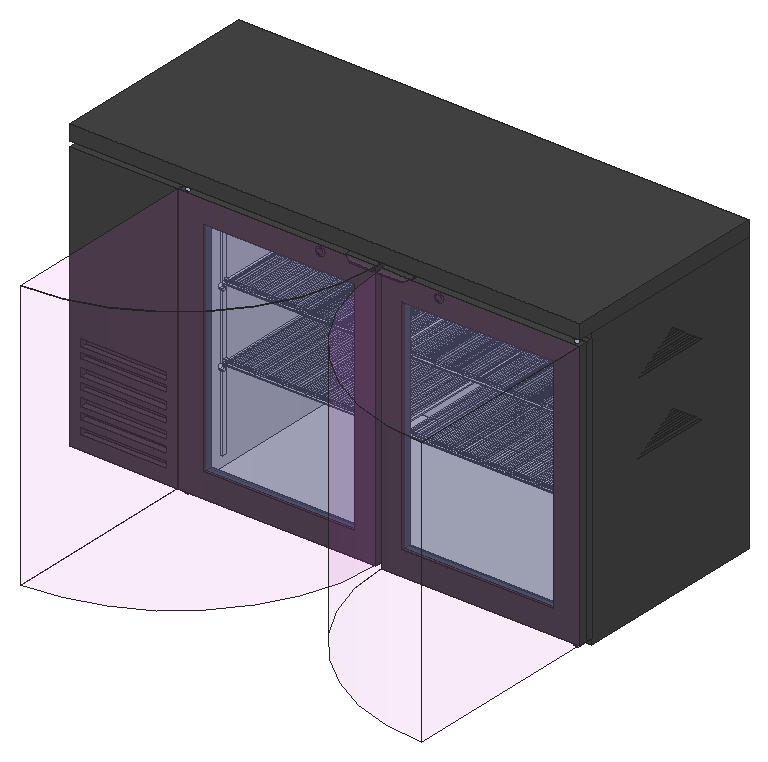
Revit family "QF_True_TBB24-60-2G-Z1-BST-B-1_Glass_Swing_Door_Back_Bar", category Specialty Equipment, Revit 2021
Family settings
  Round Connector Dimension = Use Diameter
  Part Type = Normal
  Work Plane-Based = No
  Always vertical = Yes
  Cut with Voids When Loaded = No
  Shared = No
  Room Calculation Point = No
Parameters
  Weight in Pounds = 345
  Watts = Volts * FL Amps  # 368 W
  Volts = 115 V
  URL Cutsheet = ""
  Specification by User = ""
  Specification by Manufacturer = ""
  Show Seismic Flanged [instance] = yes
  Show Door Clearance [instance] = yes
  Show Default [instance] = if(or([Show 2" Casters], [Show 3" Casters]), or(or([Show 4" Casters], [Show 5" Casters], [Show 6" Legs]), and([Show 2" Casters], [Show 3" Casters]), and([Show 3" Casters], Show Seismic Flanged)), if(or([Show 4" Casters], [Show 5" Casters]), or(or([Show 6" Legs], Show Seismic Flanged), and([Show 4" Casters], [Show 5" Casters])), if([Show 6" Legs], Show Seismic Flanged, not(Show Seismic Flanged))))  # yes
  Show 6" Legs [instance] = yes
  Show 5" Casters [instance] = yes
  Show 4" Casters [instance] = yes
  Show 3" Casters [instance] = yes
  Show 2" Casters [instance] = yes
  Serial Number = ""
  Seismic Rating = ""
  SMACNA No = ""
  Revision Code = ""
  Phase = 1
  Number of Poles = 1
  NAFEM Spec ID Number = ""
  Model = "TBB24-60-2G-Z1-BST-B-1"
  Min Ckt Ampacity = 0 A
  Max Overcurrent Protection = 0 A
  Masterspec = ""
  Manufacturer = "True"
  Length = 60 1/32"
  Item Number = ""
  Installed By = ""
  Identify Quantity as Lot = yes
  Height [instance] = Base Height + Body Height  # 34 3/16"
  HP = "1/4"
  Furnished By = ""
  Foodservice Equipment Identifier = yes
  FL Amps = 3.2 A
  Electrical Remarks = ""
  Electric Connection Type = ""
  Elec Conn RI Height = 0"
  Elec Conn Connection Height = 0"
  Door Finish [instance] = QF_Metallic_Paint_Black_Smooth
  Description = "Glass Swing Door Back Bar 24\" Depth Single Zone Cooler with Black Sub Top and Black Exterior"
  Depth = 25 11/32"
  Default Elevation = 0"
  Cycle = 60 Hz
  Counter Top Finish [instance] = QF_Metallic_Paint_Black_Smooth
  Conn Plug = "NEMA 5-15P"
  Conn Conduit = yes
  CSI MasterFormat = ""
  Body Height [instance] = 34 3/16"
  Body Finish [instance] = QF_Metallic_Paint_Black_Smooth
  Base Height [instance] = if(Show Default, 0", if([Show 2" Casters], 2", if([Show 3" Casters], 3", if([Show 4" Casters], 4", if([Show 5" Casters], 5", if([Show 6" Legs], 6", if(Show Seismic Flanged, 6", 0")))))))  # 0"
  Apparent Power = 0 VA
Reference planes (in)
  plane 1 "BACK": y = 0
  plane 2: z = 0
  plane 3 "LEFT": x = 0
  plane 4 "RIGHT": x = 60.03125
  plane 5 "FRONT": y = -25.34375
  plane 6 "TOP": z = 34.1875
  plane 7 "Center Y": x = 30.01563
  plane 8 "Center X": y = -12.67188
  plane 9: z = 0
Dimensions and locks (in)
  equal spacing: plane 3 "LEFT", plane 7 "Center Y", plane 4 "RIGHT"
  "Length": plane 3 "LEFT" to plane 4 "RIGHT"
  equal spacing: plane 5 "FRONT", plane 8 "Center X", plane 1 "BACK"
  "Depth": plane 5 "FRONT" to plane 1 "BACK"
  plane 6 "TOP" to level = 34 3/16"
  "Base Height": plane 9 to level
  "Body Height": plane 6 "TOP" to plane 9
  aligned and locked: level to plane 2
  aligned and locked: nested 1 to plane 9
Nested families (in)
  nested 1: "TBB24-60-2G-Z1-BST-B-1" at (0, 0, 0), Show Door Clearance <- "Show Door Clearance", Body Finish <- "Body Finish", Counter Top Finishes <- "Counter Top Finish", Door Finish <- "Door Finish", type "TBB24-60-2G-Z1-BST-B-1"
    with Show Door Clearance yes, Door Finish QF_Metallic_Paint_Black_Smooth, Counter Top Finishes QF_Metallic_Paint_Black_Smooth, Body Finish QF_Metallic_Paint_Black_Smooth
  nested 2: "Family3" at (2.51562, -20.67188, 0), Show 2" Casters <- "Show 2" Casters", Show 3" Casters <- "Show 3" Casters", Show 4" Casters <- "Show 4" Casters", Show 5" Casters <- "Show 5" Casters", Show 6" Legs <- "Show 6" Legs", Show Seismic Flanged <- "Show Seismic Flanged", type "Family3"
    with Show Seismic Flanged yes, Show 6" Legs yes, Show 5" Casters yes, Show 4" Casters yes, Show 3" Casters yes, Show 2" Casters yes
  nested 3: "Family3" at (57.51562, -20.67188, 0), Show 2" Casters <- "Show 2" Casters", Show 3" Casters <- "Show 3" Casters", Show 4" Casters <- "Show 4" Casters", Show 5" Casters <- "Show 5" Casters", Show 6" Legs <- "Show 6" Legs", Show Seismic Flanged <- "Show Seismic Flanged", type "Family3"
    with Show Seismic Flanged yes, Show 6" Legs yes, Show 5" Casters yes, Show 4" Casters yes, Show 3" Casters yes, Show 2" Casters yes
  nested 4: "Family3" at (2.51562, -2.67188, 0), Show 2" Casters <- "Show 2" Casters", Show 3" Casters <- "Show 3" Casters", Show 4" Casters <- "Show 4" Casters", Show 5" Casters <- "Show 5" Casters", Show 6" Legs <- "Show 6" Legs", Show Seismic Flanged <- "Show Seismic Flanged", type "Family3"
    with Show Seismic Flanged yes, Show 6" Legs yes, Show 5" Casters yes, Show 4" Casters yes, Show 3" Casters yes, Show 2" Casters yes
  nested 5: "Family3" at (57.51562, -2.67188, 0), Show 2" Casters <- "Show 2" Casters", Show 3" Casters <- "Show 3" Casters", Show 4" Casters <- "Show 4" Casters", Show 5" Casters <- "Show 5" Casters", Show 6" Legs <- "Show 6" Legs", Show Seismic Flanged <- "Show Seismic Flanged", type "Family3"
    with Show Seismic Flanged yes, Show 6" Legs yes, Show 5" Casters yes, Show 4" Casters yes, Show 3" Casters yes, Show 2" Casters yes
Connectors (in)
  electrical at (5.92159, 0.23047, 18.36709), driven by "Volts", driven by "Watts"
    settings: on nested 1, index 1, voltage 115 V, apparent load 368 VA, apparent load phase1 0 VA, apparent load phase2 0 VA, apparent load phase3 0 VA, power factor 1, load classification "Other", number of poles 1, system type 30, power factor state 1, is connector primary yes, connector utility no, sub classification motor no, connector description "ELECTRICAL CONNECTION"
Definition of nested family "TBB24-60-2G-Z1-BST-B-1"
  Parameters (values of type "TBB24-60-2G-Z1-BST-B-1")
    Weight in Pounds = 0
    URL Cutsheet = ""
    Specification by User = ""
    Specification by Manufacturer = ""
    Show Door Clearance [instance] = yes
    Serial Number = ""
    Seismic Rating = ""
    SMACNA No = ""
    Revision Code = ""
    NAFEM Spec ID Number = ""
    Masterspec = ""
    Length = 60 1/32"
    Item Number = ""
    Installed By = ""
    Identify Quantity as Lot = yes
    Height = 34 23/32"
    Furnished By = ""
    Foodservice Equipment Identifier = yes
    Door Finish [instance] = none
    Depth = 25 11/32"
    Default Elevation = 0"
    Counter Top Finishes [instance] = none
    CSI MasterFormat = ""
    Body Finish [instance] = none
  Reference planes (in)
    plane 1 "BACK": y = 0
    plane 2: z = 0
    plane 3 "LEFT": x = 0
    plane 4 "RIGHT": x = 60.03125
    plane 5 "FRONT": y = -25.34375
    plane 6 "TOP": z = 34.71875
    plane 7 "Center Y": x = 30.01563
    plane 8 "Center X": y = -12.67188
    plane 9: y = -48.09375
    plane 10: z = 0.6875
    plane 11: z = 32.9375
    plane 12: z = 2.0625
    plane 13: y = -21.41792
    plane 14: z = 0.33506
    plane 15: y = -24.875
    plane 16: y = -21.41792
  Forms (in)
    Extrusion 1, solid, material <- "Counter Top Finishes"
      sketch origin (0, 0, 0) x (1, 0, 0) y (0, 0, 1)
        loop
          line (0, 34.71875) -> (0, 32.9375) -> (60.03125, 32.9375) -> (60.03125, 34.71875) -> (0, 34.71875)
      from 0 to 24.875
    Extrusion 2, solid, material <- "Body Finish"
      sketch origin (0, 0, 0) x (0, 1, 0) y (0, 0, 1)
        loop
          line (0, 32.9375) -> (-23.09422, 32.9375) -> (-23.09422, 0) -> (0, 0) -> (0, 32.9375)
      from 0 to 60.03125
    Extrusion 3, void
      sketch origin (-0.75, -1.91691, 2.0625) x (0, -1, 0) y (1, 0, 0)
        loop
          line (0, 15.65625) -> (21.17731, 15.65625) -> (21.17731, 58.16688) -> (0, 58.16688) -> (0, 15.65625)
      from 0 to 30.21251
    Extrusion 4, solid, material <- "Body Finish"
      sketch origin (0, -23.09422, 32.9375) x (0, 0, -1) y (1, 0, 0)
        loop
          line (0.66249, 0) -> (32.25, 0) -> (32.25, 12.78125) -> (0.66249, 12.78125) -> (0.66249, 0)
      from 0 to 1.78078
    Extrusion 5, void
      sketch origin (0, -24.875, 32.9375) x (0, 0, 1) y (1, 0, 0)
        loop
          line (-20.35539, 1.27626) -> (-20.35539, 11.4546) -> (-21.35539, 11.4546) -> (-21.35539, 1.27626) -> (-20.35539, 1.27626)
        loop
          line (-21.80947, 1.27626) -> (-21.80947, 11.4546) -> (-22.63661, 11.4546) -> (-22.63661, 1.27626) -> (-21.80947, 1.27626)
        loop
          line (-23.48039, 1.27626) -> (-23.48039, 11.4546) -> (-24.48039, 11.4546) -> (-24.48039, 1.27626) -> (-23.48039, 1.27626)
        loop
          line (-25.05947, 1.27626) -> (-25.05947, 11.4546) -> (-25.88661, 11.4546) -> (-25.88661, 1.27626) -> (-25.05947, 1.27626)
        loop
          line (-26.60539, 1.27626) -> (-26.60539, 11.4546) -> (-27.60539, 11.4546) -> (-27.60539, 1.27626) -> (-26.60539, 1.27626)
        loop
          line (-28.18447, 1.27626) -> (-28.18447, 11.4546) -> (-29.01161, 11.4546) -> (-29.01161, 1.27626) -> (-28.18447, 1.27626)
        loop
          line (-29.80947, 1.27626) -> (-29.80947, 11.4546) -> (-30.63661, 11.4546) -> (-30.63661, 1.27626) -> (-29.80947, 1.27626)
      from 0 to 0.83594
    Extrusion 6, solid
      sketch origin (0, 0, 32.6875) x (0, 0, 1) y (1, 0, 0)
        loop
          arc (-12.59037, 11.27264) -> (-12.81004, 11.80298) -> (-13.34037, 12.02264) r 0.75
          line (-13.34037, 12.02264) -> (-31.375, 12.02264)
          arc (-31.375, 12.02264) -> (-31.90533, 11.80298) -> (-32.125, 11.27264) r 0.75
          line (-32.125, 11.27264) -> (-32.125, 0.75)
          arc (-32.125, 0.75) -> (-31.90533, 0.21967) -> (-31.375, 0) r 0.75
          line (-31.375, 0) -> (-13.34037, 0)
          arc (-13.34037, 0) -> (-12.81004, 0.21967) -> (-12.59037, 0.75) r 0.75
          line (-12.59037, 0.75) -> (-12.59037, 5.19897) -> (-12.14941, 5.19897)
          arc (-12.14941, 5.19897) -> (-11.39941, 5.94897) -> (-12.14941, 6.69897) r 0.75
          line (-12.14941, 6.69897) -> (-12.59037, 6.69897) -> (-12.59037, 11.27264)
      from 0 to 0.03125
    Extrusion 7, solid
      sketch origin (0, 0.03125, 32.6875) x (0, 0, 1) y (1, 0, 0)
        loop
          line (-11.64941, 5.94897) -> (-11.89941, 6.38198) -> (-12.39941, 6.38198) -> (-12.64941, 5.94897) -> (-12.39941, 5.51596) -> (-11.89941, 5.51596) -> (-11.64941, 5.94897)
      from 0 to 0.19922
    Extrusion 8, solid
      sketch origin (0, 0.03125, 32.6875) x (0, 0, 1) y (1, 0, 0)
        loop
          circle (-14.32041, 5.92159) r 0.5
      from 0 to 0.19922
    Blend 9, solid, material <- "Door Finish"
      base sketch origin (-5, -24.875, 35.99786) x (0, 0, -1) y (1, 0, 0)
        loop
          circle (4.37806, 48.52437) r 0.5
      top sketch origin (-5, -24.875, 35.99786) x (0, 0, 1) y (1, 0, 0)
        loop
          circle (-4.37806, 48.52437) r 0.37406
      from 0 to 0.04478
    Extrusion 10, solid
      sketch origin (14.90625, -23.09422, 2.0625) x (0, 1, 0) y (0, 0, 1)
        loop
          line (1.6763, 28.46788) -> (1.6763, 1.46788) -> (2.1763, 1.46788) -> (2.1763, 28.46788) -> (1.6763, 28.46788)
        loop
          line (17.9263, 28.46788) -> (17.9263, 1.46788) -> (18.4263, 1.46788) -> (18.4263, 28.46788) -> (17.9263, 28.46788)
      from 0 to 0.38124
    Extrusion 11, solid
      sketch origin (57.41688, -1.91691, 2.0625) x (0, -1, 0) y (0, 0, 1)
        loop
          line (19.50101, 28.46788) -> (19.00101, 28.46788) -> (19.00101, 1.46788) -> (19.50101, 1.46788) -> (19.50101, 28.46788)
        loop
          line (3.25101, 28.46788) -> (2.75101, 28.46788) -> (2.75101, 1.46788) -> (3.25101, 1.46788) -> (3.25101, 28.46788)
      from 0 to 0.38124
    Extrusion 12, solid
      sketch origin (19.04188, -1.91691, 2.0625) x (1, 0, 0) y (0, 0, 1)
        loop
          line (15.49577, 28.46788) -> (15.49577, 1.46788) -> (15.99577, 1.46788) -> (15.99577, 28.46788) -> (15.49577, 28.46788)
        loop
          line (18.27204, 28.46788) -> (17.77204, 28.46788) -> (17.77204, 1.46788) -> (18.27204, 1.46788) -> (18.27204, 28.46788)
        loop
          line (-0.31673, 28.46788) -> (-0.31673, 1.46788) -> (0.18327, 1.46788) -> (0.18327, 28.46788) -> (-0.31673, 28.46788)
        loop
          line (34.59516, 28.46788) -> (34.09516, 28.46788) -> (34.09516, 1.46788) -> (34.59516, 1.46788) -> (34.59516, 28.46788)
      from 0 to 0.38281
    Sweep 13, solid
      path origin (-10.42517, -180.25, 22.00641) x (-1, 0, 0) y (0, -1, 0)
        loop
          line (-25.93408, -158.83208) -> (-45.43408, -158.83208)
          arc (-45.43408, -158.83208) -> (-45.78763, -158.97853) -> (-45.93408, -159.33208) r 0.5
          line (-45.93408, -159.33208) -> (-45.93408, -177.20028)
          arc (-45.93408, -177.20028) -> (-45.78763, -177.55383) -> (-45.43408, -177.70028) r 0.5
          line (-45.43408, -177.70028) -> (-26.43408, -177.70028)
          arc (-26.43408, -177.70028) -> (-26.08052, -177.55383) -> (-25.93408, -177.20028) r 0.5
          line (-25.93408, -177.20028) -> (-25.93408, -158.33208)
          arc (-25.93408, -158.33208) -> (-26.08052, -157.97853) -> (-26.43408, -157.83208) r 0.5
          line (-26.43408, -157.83208) -> (-26.68408, -157.83208)
      profile origin (15.50891, -12.48382, 22.00641) x (1, 0, 0) y (0, 0, 1)
        loop
          circle (0, -0.10817) r 0.14183
    Extrusion 14, solid
      sketch origin (19.04188, -21.41792, 3.53038) x (0, 0, 1) y (-1, 0, 0)
        loop
          line (18.22603, 3.31156) -> (18.22603, 3.75439) -> (17.64488, 3.75439) -> (18.08771, 3.31156) -> (18.22603, 3.31156)
        loop
          line (18.22603, -37.55093) -> (18.08771, -37.55093) -> (17.64488, -37.99376) -> (18.22603, -37.99376) -> (18.22603, -37.55093)
      from 0 to -0.5
    Extrusion 15, solid
      sketch origin (25.04188, -5.16792, 3.53038) x (0, 0, 1) y (-1, 0, 0)
        loop
          line (18.22603, 9.31156) -> (18.22603, 9.75439) -> (17.64488, 9.75439) -> (18.08771, 9.31156) -> (18.22603, 9.31156)
        loop
          line (18.22603, -31.55093) -> (18.08771, -31.55093) -> (17.64488, -31.99376) -> (18.22603, -31.99376) -> (18.22603, -31.55093)
      from 0 to -0.5
    Extrusion 16, solid
      sketch origin (34.53765, -1.91691, 3.53038) x (0, 0, 1) y (0, 1, 0)
        loop
          line (18.22603, -0.82564) -> (18.22603, -0.38281) -> (17.64488, -0.38281) -> (18.08771, -0.82564) -> (18.22603, -0.82564)
      from 0 to -0.5
    Extrusion 17, solid
      sketch origin (18.72515, -1.91691, 3.53038) x (0, 0, 1) y (0, 1, 0)
        loop
          line (18.22603, -0.82564) -> (18.22603, -0.38281) -> (17.64488, -0.38281) -> (18.08771, -0.82564) -> (18.22603, -0.82564)
      from 0 to -0.5
    Extrusion 18, solid
      sketch origin (37.31391, -1.91691, 29.47235) x (0, 0, 1) y (0, -1, 0)
        loop
          line (-7.71594, 0.82564) -> (-7.85426, 0.82564) -> (-8.29708, 0.38281) -> (-7.71594, 0.38281) -> (-7.71594, 0.82564)
      from 0 to -0.5
    Extrusion 19, solid
      sketch origin (14.90625, -21.41792, -4.96962) x (0, 0, 1) y (-1, 0, 0)
        loop
          line (18.22603, -0.82407) -> (18.22603, -0.38124) -> (17.64488, -0.38124) -> (18.08771, -0.82407) -> (18.22603, -0.82407)
        loop
          line (18.22603, -41.68656) -> (18.08771, -41.68656) -> (17.64488, -42.12939) -> (18.22603, -42.12939) -> (18.22603, -41.68656)
      from 0 to -0.5
    Extrusion 20, solid
      sketch origin (34.53765, -1.91691, -4.96962) x (0, 0, 1) y (0, 1, 0)
        loop
          line (18.22603, -0.82564) -> (18.22603, -0.38281) -> (17.64488, -0.38281) -> (18.08771, -0.82564) -> (18.22603, -0.82564)
      from 0 to -0.5
    Extrusion 21, solid
      sketch origin (18.72515, -1.91691, -4.96962) x (0, 0, 1) y (0, 1, 0)
        loop
          line (18.22603, -0.82564) -> (18.22603, -0.38281) -> (17.64488, -0.38281) -> (18.08771, -0.82564) -> (18.22603, -0.82564)
      from 0 to -0.5
    Extrusion 22, solid
      sketch origin (15.5375, -180, 22.04397) x (0, 0, 1) y (0, -1, 0)
        loop
          circle (0.11695, -158.83233) r 0.05462
      from -0.25 to 19.9636
    Extrusion 23, solid
      sketch origin (15.5375, -180, 13.54397) x (0, 0, 1) y (0, -1, 0)
        loop
          circle (0.11695, -158.83233) r 0.05462
      from -0.25 to 19.9636
    Extrusion 24, solid
      sketch origin (56.82469, -180, 22.04397) x (0, 0, 1) y (0, 1, 0)
        loop
          circle (0.11695, 158.83233) r 0.05462
      from -0.21094 to 20.01078
    Extrusion 25, solid
      sketch origin (56.82022, -180, 13.54007) x (0, 0, 1) y (0, 1, 0)
        loop
          circle (0.11695, 158.83233) r 0.05462
      from -0.21094 to 20.00631
    Extrusion 26, solid
      sketch origin (-1.61038, -180, 0.33506) x (-1, 0, 0) y (0, -1, 0)
        loop
          line (-61.29788, -156.90578) -> (-59.66418, -156.90578)
          arc (-59.66418, -156.90578) -> (-59.54705, -156.82752) -> (-59.57453, -156.68935) r 0.12678
          line (-59.57453, -156.68935) -> (-60.70798, -155.5559)
          arc (-60.70798, -155.5559) -> (-60.77855, -155.50875) -> (-60.8618, -155.49219) r 0.21754
          line (-60.8618, -155.49219) -> (-61.1513, -155.49219)
          arc (-61.1513, -155.49219) -> (-61.25494, -155.53512) -> (-61.29788, -155.63876) r 0.14658
          line (-61.29788, -155.63876) -> (-61.29788, -156.90578)
        loop
          line (-14.76663, -156.90578) -> (-14.76663, -155.63876)
          arc (-14.76663, -155.63876) -> (-14.80956, -155.53512) -> (-14.9132, -155.49219) r 0.14658
          line (-14.9132, -155.49219) -> (-15.2027, -155.49219)
          arc (-15.2027, -155.49219) -> (-15.28595, -155.50875) -> (-15.35652, -155.5559) r 0.21754
          line (-15.35652, -155.5559) -> (-16.48997, -156.68935)
          arc (-16.48997, -156.68935) -> (-16.51745, -156.82752) -> (-16.40032, -156.90578) r 0.12678
          line (-16.40032, -156.90578) -> (-14.76663, -156.90578)
      from 0 to 0.0625
    Extrusion 27, solid
      sketch origin (0.42834, -23.09422, 32.9375) x (0, 0, -1) y (1, 0, 0)
        loop
          line (32.60244, 12.72791) -> (32.60244, 14.48839) -> (32.25, 14.48839) -> (32.25, 12.72791) -> (32.60244, 12.72791)
        loop
          line (32.60244, 59.25916) -> (32.25, 59.25916) -> (32.25, 57.49868) -> (32.60244, 57.49868) -> (32.60244, 59.25916)
      from 0 to 0.0625
    Revolve 28, solid
      sketch origin (59.28125, -179.80331, 0.39756) x (0, 0, 1) y (0, -1, 0)
        loop
          line (0.28994, -155.82696) -> (0, -155.82696) -> (0, -156.0211) -> (0.28994, -156.0211) -> (0.28994, -155.82696)
        axis (0.28994, -155.82696) -> (0, -155.82696)
      angle from 0 to 360
    Revolve 29, solid
      sketch origin (13.53125, -179.80331, 0.39756) x (0, 0, 1) y (0, -1, 0)
        loop
          line (0.28994, -155.82696) -> (0, -155.82696) -> (0, -156.0211) -> (0.28994, -156.0211) -> (0.28994, -155.82696)
        axis (0.28994, -155.82696) -> (0, -155.82696)
      angle from 0 to 360
    Extrusion 30, solid, material <- "Door Finish"
      sketch origin (0, -23.09422, 32.9375) x (0, 0, -1) y (1, 0, 0)
        loop
          line (0.66249, 12.78125) -> (32.25, 12.78125) -> (32.25, 36.40625) -> (0.66249, 36.40625) -> (0.66249, 12.78125)
        loop
          line (31.25, 13.78125) -> (31.25, 35.40625) -> (1.66249, 35.40625) -> (1.66249, 13.78125) -> (31.25, 13.78125)
      from 0 to 0.64622
    Extrusion 31, solid, material <- "Door Finish"
      sketch origin (71.7727, -23.09422, 32.9375) x (0, 0, -1) y (1, 0, 0)
        loop
          line (0.66249, -11.74145) -> (0.66249, -35.36645) -> (32.25, -35.36645) -> (32.25, -11.74145) -> (0.66249, -11.74145)
        loop
          line (31.25, -12.74145) -> (1.66249, -12.74145) -> (1.66249, -34.36645) -> (31.25, -34.36645) -> (31.25, -12.74145)
      from 0 to 0.64622
    Extrusion 32, solid, material <- "Door Finish"
      sketch origin (71.7727, -23.09422, 32.9375) x (0, 0, -1) y (1, 0, 0)
        loop
          line (0.66249, -11.74145) -> (0.66249, -35.05395) -> (32.25, -35.05395) -> (32.25, -11.74145) -> (0.66249, -11.74145)
        loop
          line (3.27169, -14.74153) -> (3.27169, -32.59088) -> (29.40712, -32.59088) -> (29.40712, -14.74153) -> (3.27169, -14.74153)
      from 1.78078 to 0.64622
    Sweep 33, solid
      path origin (-10.42517, -180.25, 13.50641) x (-1, 0, 0) y (0, -1, 0)
        loop
          line (-25.93408, -158.83208) -> (-45.43408, -158.83208)
          arc (-45.43408, -158.83208) -> (-45.78763, -158.97853) -> (-45.93408, -159.33208) r 0.5
          line (-45.93408, -159.33208) -> (-45.93408, -177.20028)
          arc (-45.93408, -177.20028) -> (-45.78763, -177.55383) -> (-45.43408, -177.70028) r 0.5
          line (-45.43408, -177.70028) -> (-26.43408, -177.70028)
          arc (-26.43408, -177.70028) -> (-26.08052, -177.55383) -> (-25.93408, -177.20028) r 0.5
          line (-25.93408, -177.20028) -> (-25.93408, -158.33208)
          arc (-25.93408, -158.33208) -> (-26.08052, -157.97853) -> (-26.43408, -157.83208) r 0.5
          line (-26.43408, -157.83208) -> (-26.68408, -157.83208)
      profile origin (15.50891, -12.48382, 13.50641) x (1, 0, 0) y (0, 0, 1)
        loop
          circle (0, -0.10817) r 0.14183
    Extrusion 34, solid
      sketch origin (53.63704, -1.91691, 29.47235) x (0, 0, 1) y (0, -1, 0)
        loop
          line (-7.71594, 0.82564) -> (-7.85426, 0.82564) -> (-8.29708, 0.38281) -> (-7.71594, 0.38281) -> (-7.71594, 0.82564)
      from 0 to -0.5
    Extrusion 35, solid
      sketch origin (36.81391, -1.91691, 30.53038) x (0, 0, -1) y (0, -1, 0)
        loop
          line (17.27397, 0.82564) -> (17.27397, 0.38281) -> (17.85512, 0.38281) -> (17.41229, 0.82564) -> (17.27397, 0.82564)
      from 0 to -0.5
    Extrusion 36, solid
      sketch origin (53.63704, -1.91691, 3.53038) x (0, 0, 1) y (0, -1, 0)
        loop
          line (9.72603, 0.82564) -> (9.58771, 0.82564) -> (9.14488, 0.38281) -> (9.72603, 0.38281) -> (9.72603, 0.82564)
      from 0 to -0.5
    Sweep 37, solid
      path origin (82.7483, -180.25, 22.00641) x (1, 0, 0) y (0, 1, 0)
        loop
          line (-25.93408, 158.83208) -> (-45.43408, 158.83208)
          arc (-45.43408, 158.83208) -> (-45.78763, 158.97853) -> (-45.93408, 159.33208) r 0.5
          line (-45.93408, 159.33208) -> (-45.93408, 177.20028)
          arc (-45.93408, 177.20028) -> (-45.78763, 177.55383) -> (-45.43408, 177.70028) r 0.5
          line (-45.43408, 177.70028) -> (-26.43408, 177.70028)
          arc (-26.43408, 177.70028) -> (-26.08052, 177.55383) -> (-25.93408, 177.20028) r 0.5
          line (-25.93408, 177.20028) -> (-25.93408, 158.33208)
          arc (-25.93408, 158.33208) -> (-26.08052, 157.97853) -> (-26.43408, 157.83208) r 0.5
          line (-26.43408, 157.83208) -> (-26.68408, 157.83208)
      profile origin (56.81422, -12.48382, 22.00641) x (1, 0, 0) y (0, 0, 1)
        loop
          circle (0, -0.10817) r 0.14183
    Sweep 38, solid
      path origin (82.7483, -180.25, 13.50641) x (1, 0, 0) y (0, 1, 0)
        loop
          line (-25.93408, 158.83208) -> (-45.43408, 158.83208)
          arc (-45.43408, 158.83208) -> (-45.78763, 158.97853) -> (-45.93408, 159.33208) r 0.5
          line (-45.93408, 159.33208) -> (-45.93408, 177.20028)
          arc (-45.93408, 177.20028) -> (-45.78763, 177.55383) -> (-45.43408, 177.70028) r 0.5
          line (-45.43408, 177.70028) -> (-26.43408, 177.70028)
          arc (-26.43408, 177.70028) -> (-26.08052, 177.55383) -> (-25.93408, 177.20028) r 0.5
          line (-25.93408, 177.20028) -> (-25.93408, 158.33208)
          arc (-25.93408, 158.33208) -> (-26.08052, 157.97853) -> (-26.43408, 157.83208) r 0.5
          line (-26.43408, 157.83208) -> (-26.68408, 157.83208)
      profile origin (56.81422, -12.48382, 13.50641) x (1, 0, 0) y (0, 0, 1)
        loop
          circle (0, -0.10817) r 0.14183
    Extrusion 39, solid
      sketch origin (0, -21.41792, 22.04105) x (0, 0, -1) y (1, 0, 0)
        loop
          circle (-0.03189, 15.80488) r 0.03205
      from 0 to -18.90457
    Extrusion 40, solid
      sketch origin (19.5489, -21.41792, 22.04105) x (0, 0, -1) y (1, 0, 0)
        loop
          circle (-0.03189, 15.80488) r 0.03205
      from 0 to -18.90457
    Extrusion 41, solid
      sketch origin (0.33134, -21.41792, 22.04105) x (0, 0, -1) y (1, 0, 0)
        loop
          circle (-0.03189, 15.80488) r 0.03205
      from 0 to -18.90457
    Extrusion 42, solid
      sketch origin (0.66267, -21.41792, 22.04105) x (0, 0, -1) y (1, 0, 0)
        loop
          circle (-0.03189, 15.80488) r 0.03205
      from 0 to -18.90457
    Extrusion 43, solid
      sketch origin (0.99401, -21.41792, 22.04105) x (0, 0, -1) y (1, 0, 0)
        loop
          circle (-0.03189, 15.80488) r 0.03205
      from 0 to -18.90457
    Extrusion 44, solid
      sketch origin (1.32535, -21.41792, 22.04105) x (0, 0, -1) y (1, 0, 0)
        loop
          circle (-0.03189, 15.80488) r 0.03205
      from 0 to -18.90457
    Extrusion 45, solid
      sketch origin (1.65669, -21.41792, 22.04105) x (0, 0, -1) y (1, 0, 0)
        loop
          circle (-0.03189, 15.80488) r 0.03205
      from 0 to -18.90457
    Extrusion 46, solid
      sketch origin (1.98802, -21.41792, 22.04105) x (0, 0, -1) y (1, 0, 0)
        loop
          circle (-0.03189, 15.80488) r 0.03205
      from 0 to -18.90457
    Extrusion 47, solid
      sketch origin (2.31936, -21.41792, 22.04105) x (0, 0, -1) y (1, 0, 0)
        loop
          circle (-0.03189, 15.80488) r 0.03205
      from 0 to -18.90457
    Extrusion 48, solid
      sketch origin (2.6507, -21.41792, 22.04105) x (0, 0, -1) y (1, 0, 0)
        loop
          circle (-0.03189, 15.80488) r 0.03205
      from 0 to -18.90457
    Extrusion 49, solid
      sketch origin (2.98203, -21.41792, 22.04105) x (0, 0, -1) y (1, 0, 0)
        loop
          circle (-0.03189, 15.80488) r 0.03205
      from 0 to -18.90457
    Extrusion 50, solid
      sketch origin (3.31337, -21.41792, 22.04105) x (0, 0, -1) y (1, 0, 0)
        loop
          circle (-0.03189, 15.80488) r 0.03205
      from 0 to -18.90457
    Extrusion 51, solid
      sketch origin (3.64471, -21.41792, 22.04105) x (0, 0, -1) y (1, 0, 0)
        loop
          circle (-0.03189, 15.80488) r 0.03205
      from 0 to -18.90457
    Extrusion 52, solid
      sketch origin (3.97605, -21.41792, 22.04105) x (0, 0, -1) y (1, 0, 0)
        loop
          circle (-0.03189, 15.80488) r 0.03205
      from 0 to -18.90457
    Extrusion 53, solid
      sketch origin (4.30738, -21.41792, 22.04105) x (0, 0, -1) y (1, 0, 0)
        loop
          circle (-0.03189, 15.80488) r 0.03205
      from 0 to -18.90457
    Extrusion 54, solid
      sketch origin (4.63872, -21.41792, 22.04105) x (0, 0, -1) y (1, 0, 0)
        loop
          circle (-0.03189, 15.80488) r 0.03205
      from 0 to -18.90457
    Extrusion 55, solid
      sketch origin (4.97006, -21.41792, 22.04105) x (0, 0, -1) y (1, 0, 0)
        loop
          circle (-0.03189, 15.80488) r 0.03205
      from 0 to -18.90457
    Extrusion 56, solid
      sketch origin (5.3014, -21.41792, 22.04105) x (0, 0, -1) y (1, 0, 0)
        loop
          circle (-0.03189, 15.80488) r 0.03205
      from 0 to -18.90457
    Extrusion 57, solid
      sketch origin (5.63273, -21.41792, 22.04105) x (0, 0, -1) y (1, 0, 0)
        loop
          circle (-0.03189, 15.80488) r 0.03205
      from 0 to -18.90457
    Extrusion 58, solid
      sketch origin (5.96407, -21.41792, 22.04105) x (0, 0, -1) y (1, 0, 0)
        loop
          circle (-0.03189, 15.80488) r 0.03205
      from 0 to -18.90457
    Extrusion 59, solid
      sketch origin (6.29541, -21.41792, 22.04105) x (0, 0, -1) y (1, 0, 0)
        loop
          circle (-0.03189, 15.80488) r 0.03205
      from 0 to -18.90457
    Extrusion 60, solid
      sketch origin (6.62674, -21.41792, 22.04105) x (0, 0, -1) y (1, 0, 0)
        loop
          circle (-0.03189, 15.80488) r 0.03205
      from 0 to -18.90457
    Extrusion 61, solid
      sketch origin (6.95808, -21.41792, 22.04105) x (0, 0, -1) y (1, 0, 0)
        loop
          circle (-0.03189, 15.80488) r 0.03205
      from 0 to -18.90457
    Extrusion 62, solid
      sketch origin (7.28942, -21.41792, 22.04105) x (0, 0, -1) y (1, 0, 0)
        loop
          circle (-0.03189, 15.80488) r 0.03205
      from 0 to -18.90457
    Extrusion 63, solid
      sketch origin (7.62076, -21.41792, 22.04105) x (0, 0, -1) y (1, 0, 0)
        loop
          circle (-0.03189, 15.80488) r 0.03205
      from 0 to -18.90457
    Extrusion 64, solid
      sketch origin (7.95209, -21.41792, 22.04105) x (0, 0, -1) y (1, 0, 0)
        loop
          circle (-0.03189, 15.80488) r 0.03205
      from 0 to -18.90457
    Extrusion 65, solid
      sketch origin (8.28343, -21.41792, 22.04105) x (0, 0, -1) y (1, 0, 0)
        loop
          circle (-0.03189, 15.80488) r 0.03205
      from 0 to -18.90457
    Extrusion 66, solid
      sketch origin (8.61477, -21.41792, 22.04105) x (0, 0, -1) y (1, 0, 0)
        loop
          circle (-0.03189, 15.80488) r 0.03205
      from 0 to -18.90457
    Extrusion 67, solid
      sketch origin (8.9461, -21.41792, 22.04105) x (0, 0, -1) y (1, 0, 0)
        loop
          circle (-0.03189, 15.80488) r 0.03205
      from 0 to -18.90457
    Extrusion 68, solid
      sketch origin (9.27744, -21.41792, 22.04105) x (0, 0, -1) y (1, 0, 0)
        loop
          circle (-0.03189, 15.80488) r 0.03205
      from 0 to -18.90457
    Extrusion 69, solid
      sketch origin (9.60878, -21.41792, 22.04105) x (0, 0, -1) y (1, 0, 0)
        loop
          circle (-0.03189, 15.80488) r 0.03205
      from 0 to -18.90457
    Extrusion 70, solid
      sketch origin (9.94012, -21.41792, 22.04105) x (0, 0, -1) y (1, 0, 0)
        loop
          circle (-0.03189, 15.80488) r 0.03205
      from 0 to -18.90457
    Extrusion 71, solid
      sketch origin (10.27145, -21.41792, 22.04105) x (0, 0, -1) y (1, 0, 0)
        loop
          circle (-0.03189, 15.80488) r 0.03205
      from 0 to -18.90457
    Extrusion 72, solid
      sketch origin (10.60279, -21.41792, 22.04105) x (0, 0, -1) y (1, 0, 0)
        loop
          circle (-0.03189, 15.80488) r 0.03205
      from 0 to -18.90457
    Extrusion 73, solid
      sketch origin (10.93413, -21.41792, 22.04105) x (0, 0, -1) y (1, 0, 0)
        loop
          circle (-0.03189, 15.80488) r 0.03205
      from 0 to -18.90457
    Extrusion 74, solid
      sketch origin (11.26547, -21.41792, 22.04105) x (0, 0, -1) y (1, 0, 0)
        loop
          circle (-0.03189, 15.80488) r 0.03205
      from 0 to -18.90457
    Extrusion 75, solid
      sketch origin (11.5968, -21.41792, 22.04105) x (0, 0, -1) y (1, 0, 0)
        loop
          circle (-0.03189, 15.80488) r 0.03205
      from 0 to -18.90457
    Extrusion 76, solid
      sketch origin (11.92814, -21.41792, 22.04105) x (0, 0, -1) y (1, 0, 0)
        loop
          circle (-0.03189, 15.80488) r 0.03205
      from 0 to -18.90457
    Extrusion 77, solid
      sketch origin (12.25948, -21.41792, 22.04105) x (0, 0, -1) y (1, 0, 0)
        loop
          circle (-0.03189, 15.80488) r 0.03205
      from 0 to -18.90457
    Extrusion 78, solid
      sketch origin (12.59081, -21.41792, 22.04105) x (0, 0, -1) y (1, 0, 0)
        loop
          circle (-0.03189, 15.80488) r 0.03205
      from 0 to -18.90457
    Extrusion 79, solid
      sketch origin (12.92215, -21.41792, 22.04105) x (0, 0, -1) y (1, 0, 0)
        loop
          circle (-0.03189, 15.80488) r 0.03205
      from 0 to -18.90457
    Extrusion 80, solid
      sketch origin (13.25349, -21.41792, 22.04105) x (0, 0, -1) y (1, 0, 0)
        loop
          circle (-0.03189, 15.80488) r 0.03205
      from 0 to -18.90457
    Extrusion 81, solid
      sketch origin (13.58483, -21.41792, 22.04105) x (0, 0, -1) y (1, 0, 0)
        loop
          circle (-0.03189, 15.80488) r 0.03205
      from 0 to -18.90457
    Extrusion 82, solid
      sketch origin (13.91616, -21.41792, 22.04105) x (0, 0, -1) y (1, 0, 0)
        loop
          circle (-0.03189, 15.80488) r 0.03205
      from 0 to -18.90457
    Extrusion 83, solid
      sketch origin (14.2475, -21.41792, 22.04105) x (0, 0, -1) y (1, 0, 0)
        loop
          circle (-0.03189, 15.80488) r 0.03205
      from 0 to -18.90457
    Extrusion 84, solid
      sketch origin (14.57884, -21.41792, 22.04105) x (0, 0, -1) y (1, 0, 0)
        loop
          circle (-0.03189, 15.80488) r 0.03205
      from 0 to -18.90457
    Extrusion 85, solid
      sketch origin (14.91017, -21.41792, 22.04105) x (0, 0, -1) y (1, 0, 0)
        loop
          circle (-0.03189, 15.80488) r 0.03205
      from 0 to -18.90457
    Extrusion 86, solid
      sketch origin (15.24151, -21.41792, 22.04105) x (0, 0, -1) y (1, 0, 0)
        loop
          circle (-0.03189, 15.80488) r 0.03205
      from 0 to -18.90457
    Extrusion 87, solid
      sketch origin (15.57285, -21.41792, 22.04105) x (0, 0, -1) y (1, 0, 0)
        loop
          circle (-0.03189, 15.80488) r 0.03205
      from 0 to -18.90457
    Extrusion 88, solid
      sketch origin (15.90419, -21.41792, 22.04105) x (0, 0, -1) y (1, 0, 0)
        loop
          circle (-0.03189, 15.80488) r 0.03205
      from 0 to -18.90457
    Extrusion 89, solid
      sketch origin (16.23552, -21.41792, 22.04105) x (0, 0, -1) y (1, 0, 0)
        loop
          circle (-0.03189, 15.80488) r 0.03205
      from 0 to -18.90457
    Extrusion 90, solid
      sketch origin (16.56686, -21.41792, 22.04105) x (0, 0, -1) y (1, 0, 0)
        loop
          circle (-0.03189, 15.80488) r 0.03205
      from 0 to -18.90457
    Extrusion 91, solid
      sketch origin (16.8982, -21.41792, 22.04105) x (0, 0, -1) y (1, 0, 0)
        loop
          circle (-0.03189, 15.80488) r 0.03205
      from 0 to -18.90457
    Extrusion 92, solid
      sketch origin (17.22954, -21.41792, 22.04105) x (0, 0, -1) y (1, 0, 0)
        loop
          circle (-0.03189, 15.80488) r 0.03205
      from 0 to -18.90457
    Extrusion 93, solid
      sketch origin (17.56087, -21.41792, 22.04105) x (0, 0, -1) y (1, 0, 0)
        loop
          circle (-0.03189, 15.80488) r 0.03205
      from 0 to -18.90457
    Extrusion 94, solid
      sketch origin (17.89221, -21.41792, 22.04105) x (0, 0, -1) y (1, 0, 0)
        loop
          circle (-0.03189, 15.80488) r 0.03205
      from 0 to -18.90457
    Extrusion 95, solid
      sketch origin (18.22355, -21.41792, 22.04105) x (0, 0, -1) y (1, 0, 0)
        loop
          circle (-0.03189, 15.80488) r 0.03205
      from 0 to -18.90457
    Extrusion 96, solid
      sketch origin (18.55488, -21.41792, 22.04105) x (0, 0, -1) y (1, 0, 0)
        loop
          circle (-0.03189, 15.80488) r 0.03205
      from 0 to -18.90457
    Extrusion 97, solid
      sketch origin (18.88622, -21.41792, 22.04105) x (0, 0, -1) y (1, 0, 0)
        loop
          circle (-0.03189, 15.80488) r 0.03205
      from 0 to -18.90457
    Extrusion 98, solid
      sketch origin (19.21756, -21.41792, 22.04105) x (0, 0, -1) y (1, 0, 0)
        loop
          circle (-0.03189, 15.80488) r 0.03205
      from 0 to -18.90457
    Extrusion 99, solid
      sketch origin (0, -21.41792, 13.54105) x (0, 0, -1) y (1, 0, 0)
        loop
          circle (-0.03189, 15.80488) r 0.03205
      from 0 to -18.90457
    Extrusion 100, solid
      sketch origin (19.5489, -21.41792, 13.54105) x (0, 0, -1) y (1, 0, 0)
        loop
          circle (-0.03189, 15.80488) r 0.03205
      from 0 to -18.90457
    Extrusion 101, solid
      sketch origin (0.33134, -21.41792, 13.54105) x (0, 0, -1) y (1, 0, 0)
        loop
          circle (-0.03189, 15.80488) r 0.03205
      from 0 to -18.90457
    Extrusion 102, solid
      sketch origin (0.66267, -21.41792, 13.54105) x (0, 0, -1) y (1, 0, 0)
        loop
          circle (-0.03189, 15.80488) r 0.03205
      from 0 to -18.90457
    Extrusion 103, solid
      sketch origin (0.99401, -21.41792, 13.54105) x (0, 0, -1) y (1, 0, 0)
        loop
          circle (-0.03189, 15.80488) r 0.03205
      from 0 to -18.90457
    Extrusion 104, solid
      sketch origin (1.32535, -21.41792, 13.54105) x (0, 0, -1) y (1, 0, 0)
        loop
          circle (-0.03189, 15.80488) r 0.03205
      from 0 to -18.90457
    Extrusion 105, solid
      sketch origin (1.65669, -21.41792, 13.54105) x (0, 0, -1) y (1, 0, 0)
        loop
          circle (-0.03189, 15.80488) r 0.03205
      from 0 to -18.90457
    Extrusion 106, solid
      sketch origin (1.98802, -21.41792, 13.54105) x (0, 0, -1) y (1, 0, 0)
        loop
          circle (-0.03189, 15.80488) r 0.03205
      from 0 to -18.90457
    Extrusion 107, solid
      sketch origin (2.31936, -21.41792, 13.54105) x (0, 0, -1) y (1, 0, 0)
        loop
          circle (-0.03189, 15.80488) r 0.03205
      from 0 to -18.90457
    Extrusion 108, solid
      sketch origin (2.6507, -21.41792, 13.54105) x (0, 0, -1) y (1, 0, 0)
        loop
          circle (-0.03189, 15.80488) r 0.03205
      from 0 to -18.90457
    Extrusion 109, solid
      sketch origin (2.98203, -21.41792, 13.54105) x (0, 0, -1) y (1, 0, 0)
        loop
          circle (-0.03189, 15.80488) r 0.03205
      from 0 to -18.90457
    Extrusion 110, solid
      sketch origin (3.31337, -21.41792, 13.54105) x (0, 0, -1) y (1, 0, 0)
        loop
          circle (-0.03189, 15.80488) r 0.03205
      from 0 to -18.90457
    Extrusion 111, solid
      sketch origin (3.64471, -21.41792, 13.54105) x (0, 0, -1) y (1, 0, 0)
        loop
          circle (-0.03189, 15.80488) r 0.03205
      from 0 to -18.90457
    Extrusion 112, solid
      sketch origin (3.97605, -21.41792, 13.54105) x (0, 0, -1) y (1, 0, 0)
        loop
          circle (-0.03189, 15.80488) r 0.03205
      from 0 to -18.90457
    Extrusion 113, solid
      sketch origin (4.30738, -21.41792, 13.54105) x (0, 0, -1) y (1, 0, 0)
        loop
          circle (-0.03189, 15.80488) r 0.03205
      from 0 to -18.90457
    Extrusion 114, solid
      sketch origin (4.63872, -21.41792, 13.54105) x (0, 0, -1) y (1, 0, 0)
        loop
          circle (-0.03189, 15.80488) r 0.03205
      from 0 to -18.90457
    Extrusion 115, solid
      sketch origin (4.97006, -21.41792, 13.54105) x (0, 0, -1) y (1, 0, 0)
        loop
          circle (-0.03189, 15.80488) r 0.03205
      from 0 to -18.90457
    Extrusion 116, solid
      sketch origin (5.3014, -21.41792, 13.54105) x (0, 0, -1) y (1, 0, 0)
        loop
          circle (-0.03189, 15.80488) r 0.03205
      from 0 to -18.90457
    Extrusion 117, solid
      sketch origin (5.63273, -21.41792, 13.54105) x (0, 0, -1) y (1, 0, 0)
        loop
          circle (-0.03189, 15.80488) r 0.03205
      from 0 to -18.90457
    Extrusion 118, solid
      sketch origin (5.96407, -21.41792, 13.54105) x (0, 0, -1) y (1, 0, 0)
        loop
          circle (-0.03189, 15.80488) r 0.03205
      from 0 to -18.90457
    Extrusion 119, solid
      sketch origin (6.29541, -21.41792, 13.54105) x (0, 0, -1) y (1, 0, 0)
        loop
          circle (-0.03189, 15.80488) r 0.03205
      from 0 to -18.90457
    Extrusion 120, solid
      sketch origin (6.62674, -21.41792, 13.54105) x (0, 0, -1) y (1, 0, 0)
        loop
          circle (-0.03189, 15.80488) r 0.03205
      from 0 to -18.90457
    Extrusion 121, solid
      sketch origin (6.95808, -21.41792, 13.54105) x (0, 0, -1) y (1, 0, 0)
        loop
          circle (-0.03189, 15.80488) r 0.03205
      from 0 to -18.90457
    Extrusion 122, solid
      sketch origin (7.28942, -21.41792, 13.54105) x (0, 0, -1) y (1, 0, 0)
        loop
          circle (-0.03189, 15.80488) r 0.03205
      from 0 to -18.90457
    Extrusion 123, solid
      sketch origin (7.62076, -21.41792, 13.54105) x (0, 0, -1) y (1, 0, 0)
        loop
          circle (-0.03189, 15.80488) r 0.03205
      from 0 to -18.90457
    Extrusion 124, solid
      sketch origin (7.95209, -21.41792, 13.54105) x (0, 0, -1) y (1, 0, 0)
        loop
          circle (-0.03189, 15.80488) r 0.03205
      from 0 to -18.90457
    Extrusion 125, solid
      sketch origin (8.28343, -21.41792, 13.54105) x (0, 0, -1) y (1, 0, 0)
        loop
          circle (-0.03189, 15.80488) r 0.03205
      from 0 to -18.90457
    Extrusion 126, solid
      sketch origin (8.61477, -21.41792, 13.54105) x (0, 0, -1) y (1, 0, 0)
        loop
          circle (-0.03189, 15.80488) r 0.03205
      from 0 to -18.90457
    Extrusion 127, solid
      sketch origin (8.9461, -21.41792, 13.54105) x (0, 0, -1) y (1, 0, 0)
        loop
          circle (-0.03189, 15.80488) r 0.03205
      from 0 to -18.90457
    Extrusion 128, solid
      sketch origin (9.27744, -21.41792, 13.54105) x (0, 0, -1) y (1, 0, 0)
        loop
          circle (-0.03189, 15.80488) r 0.03205
      from 0 to -18.90457
    Extrusion 129, solid
      sketch origin (9.60878, -21.41792, 13.54105) x (0, 0, -1) y (1, 0, 0)
        loop
          circle (-0.03189, 15.80488) r 0.03205
      from 0 to -18.90457
    Extrusion 130, solid
      sketch origin (9.94012, -21.41792, 13.54105) x (0, 0, -1) y (1, 0, 0)
        loop
          circle (-0.03189, 15.80488) r 0.03205
      from 0 to -18.90457
    Extrusion 131, solid
      sketch origin (10.27145, -21.41792, 13.54105) x (0, 0, -1) y (1, 0, 0)
        loop
          circle (-0.03189, 15.80488) r 0.03205
      from 0 to -18.90457
    Extrusion 132, solid
      sketch origin (10.60279, -21.41792, 13.54105) x (0, 0, -1) y (1, 0, 0)
        loop
          circle (-0.03189, 15.80488) r 0.03205
      from 0 to -18.90457
    Extrusion 133, solid
      sketch origin (10.93413, -21.41792, 13.54105) x (0, 0, -1) y (1, 0, 0)
        loop
          circle (-0.03189, 15.80488) r 0.03205
      from 0 to -18.90457
    Extrusion 134, solid
      sketch origin (11.26547, -21.41792, 13.54105) x (0, 0, -1) y (1, 0, 0)
        loop
          circle (-0.03189, 15.80488) r 0.03205
      from 0 to -18.90457
    Extrusion 135, solid
      sketch origin (11.5968, -21.41792, 13.54105) x (0, 0, -1) y (1, 0, 0)
        loop
          circle (-0.03189, 15.80488) r 0.03205
      from 0 to -18.90457
    Extrusion 136, solid
      sketch origin (11.92814, -21.41792, 13.54105) x (0, 0, -1) y (1, 0, 0)
        loop
          circle (-0.03189, 15.80488) r 0.03205
      from 0 to -18.90457
    Extrusion 137, solid
      sketch origin (12.25948, -21.41792, 13.54105) x (0, 0, -1) y (1, 0, 0)
        loop
          circle (-0.03189, 15.80488) r 0.03205
      from 0 to -18.90457
    Extrusion 138, solid
      sketch origin (12.59081, -21.41792, 13.54105) x (0, 0, -1) y (1, 0, 0)
        loop
          circle (-0.03189, 15.80488) r 0.03205
      from 0 to -18.90457
    Extrusion 139, solid
      sketch origin (12.92215, -21.41792, 13.54105) x (0, 0, -1) y (1, 0, 0)
        loop
          circle (-0.03189, 15.80488) r 0.03205
      from 0 to -18.90457
    Extrusion 140, solid
      sketch origin (13.25349, -21.41792, 13.54105) x (0, 0, -1) y (1, 0, 0)
        loop
          circle (-0.03189, 15.80488) r 0.03205
      from 0 to -18.90457
    Extrusion 141, solid
      sketch origin (13.58483, -21.41792, 13.54105) x (0, 0, -1) y (1, 0, 0)
        loop
          circle (-0.03189, 15.80488) r 0.03205
      from 0 to -18.90457
    Extrusion 142, solid
      sketch origin (13.91616, -21.41792, 13.54105) x (0, 0, -1) y (1, 0, 0)
        loop
          circle (-0.03189, 15.80488) r 0.03205
      from 0 to -18.90457
    Extrusion 143, solid
      sketch origin (14.2475, -21.41792, 13.54105) x (0, 0, -1) y (1, 0, 0)
        loop
          circle (-0.03189, 15.80488) r 0.03205
      from 0 to -18.90457
    Extrusion 144, solid
      sketch origin (14.57884, -21.41792, 13.54105) x (0, 0, -1) y (1, 0, 0)
        loop
          circle (-0.03189, 15.80488) r 0.03205
      from 0 to -18.90457
    Extrusion 145, solid
      sketch origin (14.91017, -21.41792, 13.54105) x (0, 0, -1) y (1, 0, 0)
        loop
          circle (-0.03189, 15.80488) r 0.03205
      from 0 to -18.90457
    Extrusion 146, solid
      sketch origin (15.24151, -21.41792, 13.54105) x (0, 0, -1) y (1, 0, 0)
        loop
          circle (-0.03189, 15.80488) r 0.03205
      from 0 to -18.90457
    Extrusion 147, solid
      sketch origin (15.57285, -21.41792, 13.54105) x (0, 0, -1) y (1, 0, 0)
        loop
          circle (-0.03189, 15.80488) r 0.03205
      from 0 to -18.90457
    Extrusion 148, solid
      sketch origin (15.90419, -21.41792, 13.54105) x (0, 0, -1) y (1, 0, 0)
        loop
          circle (-0.03189, 15.80488) r 0.03205
      from 0 to -18.90457
    Extrusion 149, solid
      sketch origin (16.23552, -21.41792, 13.54105) x (0, 0, -1) y (1, 0, 0)
        loop
          circle (-0.03189, 15.80488) r 0.03205
      from 0 to -18.90457
    Extrusion 150, solid
      sketch origin (16.56686, -21.41792, 13.54105) x (0, 0, -1) y (1, 0, 0)
        loop
          circle (-0.03189, 15.80488) r 0.03205
      from 0 to -18.90457
    Extrusion 151, solid
      sketch origin (16.8982, -21.41792, 13.54105) x (0, 0, -1) y (1, 0, 0)
        loop
          circle (-0.03189, 15.80488) r 0.03205
      from 0 to -18.90457
    Extrusion 152, solid
      sketch origin (17.22954, -21.41792, 13.54105) x (0, 0, -1) y (1, 0, 0)
        loop
          circle (-0.03189, 15.80488) r 0.03205
      from 0 to -18.90457
    Extrusion 153, solid
      sketch origin (17.56087, -21.41792, 13.54105) x (0, 0, -1) y (1, 0, 0)
        loop
          circle (-0.03189, 15.80488) r 0.03205
      from 0 to -18.90457
    Extrusion 154, solid
      sketch origin (17.89221, -21.41792, 13.54105) x (0, 0, -1) y (1, 0, 0)
        loop
          circle (-0.03189, 15.80488) r 0.03205
      from 0 to -18.90457
    Extrusion 155, solid
      sketch origin (18.22355, -21.41792, 13.54105) x (0, 0, -1) y (1, 0, 0)
        loop
          circle (-0.03189, 15.80488) r 0.03205
      from 0 to -18.90457
    Extrusion 156, solid
      sketch origin (18.55488, -21.41792, 13.54105) x (0, 0, -1) y (1, 0, 0)
        loop
          circle (-0.03189, 15.80488) r 0.03205
      from 0 to -18.90457
    Extrusion 157, solid
      sketch origin (18.88622, -21.41792, 13.54105) x (0, 0, -1) y (1, 0, 0)
        loop
          circle (-0.03189, 15.80488) r 0.03205
      from 0 to -18.90457
    Extrusion 158, solid
      sketch origin (19.21756, -21.41792, 13.54105) x (0, 0, -1) y (1, 0, 0)
        loop
          circle (-0.03189, 15.80488) r 0.03205
      from 0 to -18.90457
    Extrusion 159, solid
      sketch origin (21.18991, -21.41792, 22.04105) x (0, 0, -1) y (1, 0, 0)
        loop
          circle (-0.03189, 15.80488) r 0.03205
      from 0 to -18.90457
    Extrusion 160, solid
      sketch origin (40.73881, -21.41792, 22.04105) x (0, 0, -1) y (1, 0, 0)
        loop
          circle (-0.03189, 15.80488) r 0.03205
      from 0 to -18.90457
    Extrusion 161, solid
      sketch origin (21.52125, -21.41792, 22.04105) x (0, 0, -1) y (1, 0, 0)
        loop
          circle (-0.03189, 15.80488) r 0.03205
      from 0 to -18.90457
    Extrusion 162, solid
      sketch origin (21.85259, -21.41792, 22.04105) x (0, 0, -1) y (1, 0, 0)
        loop
          circle (-0.03189, 15.80488) r 0.03205
      from 0 to -18.90457
    Extrusion 163, solid
      sketch origin (22.18392, -21.41792, 22.04105) x (0, 0, -1) y (1, 0, 0)
        loop
          circle (-0.03189, 15.80488) r 0.03205
      from 0 to -18.90457
    Extrusion 164, solid
      sketch origin (22.51526, -21.41792, 22.04105) x (0, 0, -1) y (1, 0, 0)
        loop
          circle (-0.03189, 15.80488) r 0.03205
      from 0 to -18.90457
    Extrusion 165, solid
      sketch origin (22.8466, -21.41792, 22.04105) x (0, 0, -1) y (1, 0, 0)
        loop
          circle (-0.03189, 15.80488) r 0.03205
      from 0 to -18.90457
    Extrusion 166, solid
      sketch origin (23.17793, -21.41792, 22.04105) x (0, 0, -1) y (1, 0, 0)
        loop
          circle (-0.03189, 15.80488) r 0.03205
      from 0 to -18.90457
    Extrusion 167, solid
      sketch origin (23.50927, -21.41792, 22.04105) x (0, 0, -1) y (1, 0, 0)
        loop
          circle (-0.03189, 15.80488) r 0.03205
      from 0 to -18.90457
    Extrusion 168, solid
      sketch origin (23.84061, -21.41792, 22.04105) x (0, 0, -1) y (1, 0, 0)
        loop
          circle (-0.03189, 15.80488) r 0.03205
      from 0 to -18.90457
    Extrusion 169, solid
      sketch origin (24.17195, -21.41792, 22.04105) x (0, 0, -1) y (1, 0, 0)
        loop
          circle (-0.03189, 15.80488) r 0.03205
      from 0 to -18.90457
    Extrusion 170, solid
      sketch origin (24.50328, -21.41792, 22.04105) x (0, 0, -1) y (1, 0, 0)
        loop
          circle (-0.03189, 15.80488) r 0.03205
      from 0 to -18.90457
    Extrusion 171, solid
      sketch origin (24.83462, -21.41792, 22.04105) x (0, 0, -1) y (1, 0, 0)
        loop
          circle (-0.03189, 15.80488) r 0.03205
      from 0 to -18.90457
    Extrusion 172, solid
      sketch origin (25.16596, -21.41792, 22.04105) x (0, 0, -1) y (1, 0, 0)
        loop
          circle (-0.03189, 15.80488) r 0.03205
      from 0 to -18.90457
    Extrusion 173, solid
      sketch origin (25.4973, -21.41792, 22.04105) x (0, 0, -1) y (1, 0, 0)
        loop
          circle (-0.03189, 15.80488) r 0.03205
      from 0 to -18.90457
    Extrusion 174, solid
      sketch origin (25.82863, -21.41792, 22.04105) x (0, 0, -1) y (1, 0, 0)
        loop
          circle (-0.03189, 15.80488) r 0.03205
      from 0 to -18.90457
    Extrusion 175, solid
      sketch origin (26.15997, -21.41792, 22.04105) x (0, 0, -1) y (1, 0, 0)
        loop
          circle (-0.03189, 15.80488) r 0.03205
      from 0 to -18.90457
    Extrusion 176, solid
      sketch origin (26.49131, -21.41792, 22.04105) x (0, 0, -1) y (1, 0, 0)
        loop
          circle (-0.03189, 15.80488) r 0.03205
      from 0 to -18.90457
    Extrusion 177, solid
      sketch origin (26.82264, -21.41792, 22.04105) x (0, 0, -1) y (1, 0, 0)
        loop
          circle (-0.03189, 15.80488) r 0.03205
      from 0 to -18.90457
    Extrusion 178, solid
      sketch origin (27.15398, -21.41792, 22.04105) x (0, 0, -1) y (1, 0, 0)
        loop
          circle (-0.03189, 15.80488) r 0.03205
      from 0 to -18.90457
    Extrusion 179, solid
      sketch origin (27.48532, -21.41792, 22.04105) x (0, 0, -1) y (1, 0, 0)
        loop
          circle (-0.03189, 15.80488) r 0.03205
      from 0 to -18.90457
    Extrusion 180, solid
      sketch origin (27.81666, -21.41792, 22.04105) x (0, 0, -1) y (1, 0, 0)
        loop
          circle (-0.03189, 15.80488) r 0.03205
      from 0 to -18.90457
    Extrusion 181, solid
      sketch origin (28.14799, -21.41792, 22.04105) x (0, 0, -1) y (1, 0, 0)
        loop
          circle (-0.03189, 15.80488) r 0.03205
      from 0 to -18.90457
    Extrusion 182, solid
      sketch origin (28.47933, -21.41792, 22.04105) x (0, 0, -1) y (1, 0, 0)
        loop
          circle (-0.03189, 15.80488) r 0.03205
      from 0 to -18.90457
    Extrusion 183, solid
      sketch origin (28.81067, -21.41792, 22.04105) x (0, 0, -1) y (1, 0, 0)
        loop
          circle (-0.03189, 15.80488) r 0.03205
      from 0 to -18.90457
    Extrusion 184, solid
      sketch origin (29.142, -21.41792, 22.04105) x (0, 0, -1) y (1, 0, 0)
        loop
          circle (-0.03189, 15.80488) r 0.03205
      from 0 to -18.90457
    Extrusion 185, solid
      sketch origin (29.47334, -21.41792, 22.04105) x (0, 0, -1) y (1, 0, 0)
        loop
          circle (-0.03189, 15.80488) r 0.03205
      from 0 to -18.90457
    Extrusion 186, solid
      sketch origin (29.80468, -21.41792, 22.04105) x (0, 0, -1) y (1, 0, 0)
        loop
          circle (-0.03189, 15.80488) r 0.03205
      from 0 to -18.90457
    Extrusion 187, solid
      sketch origin (30.13602, -21.41792, 22.04105) x (0, 0, -1) y (1, 0, 0)
        loop
          circle (-0.03189, 15.80488) r 0.03205
      from 0 to -18.90457
    Extrusion 188, solid
      sketch origin (30.46735, -21.41792, 22.04105) x (0, 0, -1) y (1, 0, 0)
        loop
          circle (-0.03189, 15.80488) r 0.03205
      from 0 to -18.90457
    Extrusion 189, solid
      sketch origin (30.79869, -21.41792, 22.04105) x (0, 0, -1) y (1, 0, 0)
        loop
          circle (-0.03189, 15.80488) r 0.03205
      from 0 to -18.90457
    Extrusion 190, solid
      sketch origin (31.13003, -21.41792, 22.04105) x (0, 0, -1) y (1, 0, 0)
        loop
          circle (-0.03189, 15.80488) r 0.03205
      from 0 to -18.90457
    Extrusion 191, solid
      sketch origin (31.46137, -21.41792, 22.04105) x (0, 0, -1) y (1, 0, 0)
        loop
          circle (-0.03189, 15.80488) r 0.03205
      from 0 to -18.90457
    Extrusion 192, solid
      sketch origin (31.7927, -21.41792, 22.04105) x (0, 0, -1) y (1, 0, 0)
        loop
          circle (-0.03189, 15.80488) r 0.03205
      from 0 to -18.90457
    Extrusion 193, solid
      sketch origin (32.12404, -21.41792, 22.04105) x (0, 0, -1) y (1, 0, 0)
        loop
          circle (-0.03189, 15.80488) r 0.03205
      from 0 to -18.90457
    Extrusion 194, solid
      sketch origin (32.45538, -21.41792, 22.04105) x (0, 0, -1) y (1, 0, 0)
        loop
          circle (-0.03189, 15.80488) r 0.03205
      from 0 to -18.90457
    Extrusion 195, solid
      sketch origin (32.78671, -21.41792, 22.04105) x (0, 0, -1) y (1, 0, 0)
        loop
          circle (-0.03189, 15.80488) r 0.03205
      from 0 to -18.90457
    Extrusion 196, solid
      sketch origin (33.11805, -21.41792, 22.04105) x (0, 0, -1) y (1, 0, 0)
        loop
          circle (-0.03189, 15.80488) r 0.03205
      from 0 to -18.90457
    Extrusion 197, solid
      sketch origin (33.44939, -21.41792, 22.04105) x (0, 0, -1) y (1, 0, 0)
        loop
          circle (-0.03189, 15.80488) r 0.03205
      from 0 to -18.90457
    Extrusion 198, solid
      sketch origin (33.78073, -21.41792, 22.04105) x (0, 0, -1) y (1, 0, 0)
        loop
          circle (-0.03189, 15.80488) r 0.03205
      from 0 to -18.90457
    Extrusion 199, solid
      sketch origin (34.11206, -21.41792, 22.04105) x (0, 0, -1) y (1, 0, 0)
        loop
          circle (-0.03189, 15.80488) r 0.03205
      from 0 to -18.90457
    Extrusion 200, solid
      sketch origin (34.4434, -21.41792, 22.04105) x (0, 0, -1) y (1, 0, 0)
        loop
          circle (-0.03189, 15.80488) r 0.03205
      from 0 to -18.90457
    Extrusion 201, solid
      sketch origin (34.77474, -21.41792, 22.04105) x (0, 0, -1) y (1, 0, 0)
        loop
          circle (-0.03189, 15.80488) r 0.03205
      from 0 to -18.90457
    Extrusion 202, solid
      sketch origin (35.10607, -21.41792, 22.04105) x (0, 0, -1) y (1, 0, 0)
        loop
          circle (-0.03189, 15.80488) r 0.03205
      from 0 to -18.90457
    Extrusion 203, solid
      sketch origin (35.43741, -21.41792, 22.04105) x (0, 0, -1) y (1, 0, 0)
        loop
          circle (-0.03189, 15.80488) r 0.03205
      from 0 to -18.90457
    Extrusion 204, solid
      sketch origin (35.76875, -21.41792, 22.04105) x (0, 0, -1) y (1, 0, 0)
        loop
          circle (-0.03189, 15.80488) r 0.03205
      from 0 to -18.90457
    Extrusion 205, solid
      sketch origin (36.10009, -21.41792, 22.04105) x (0, 0, -1) y (1, 0, 0)
        loop
          circle (-0.03189, 15.80488) r 0.03205
      from 0 to -18.90457
    Extrusion 206, solid
      sketch origin (36.43142, -21.41792, 22.04105) x (0, 0, -1) y (1, 0, 0)
        loop
          circle (-0.03189, 15.80488) r 0.03205
      from 0 to -18.90457
    Extrusion 207, solid
      sketch origin (36.76276, -21.41792, 22.04105) x (0, 0, -1) y (1, 0, 0)
        loop
          circle (-0.03189, 15.80488) r 0.03205
      from 0 to -18.90457
    Extrusion 208, solid
      sketch origin (37.0941, -21.41792, 22.04105) x (0, 0, -1) y (1, 0, 0)
        loop
          circle (-0.03189, 15.80488) r 0.03205
      from 0 to -18.90457
    Extrusion 209, solid
      sketch origin (37.42544, -21.41792, 22.04105) x (0, 0, -1) y (1, 0, 0)
        loop
          circle (-0.03189, 15.80488) r 0.03205
      from 0 to -18.90457
    Extrusion 210, solid
      sketch origin (37.75677, -21.41792, 22.04105) x (0, 0, -1) y (1, 0, 0)
        loop
          circle (-0.03189, 15.80488) r 0.03205
      from 0 to -18.90457
    Extrusion 211, solid
      sketch origin (38.08811, -21.41792, 22.04105) x (0, 0, -1) y (1, 0, 0)
        loop
          circle (-0.03189, 15.80488) r 0.03205
      from 0 to -18.90457
    Extrusion 212, solid
      sketch origin (38.41945, -21.41792, 22.04105) x (0, 0, -1) y (1, 0, 0)
        loop
          circle (-0.03189, 15.80488) r 0.03205
      from 0 to -18.90457
    Extrusion 213, solid
      sketch origin (38.75078, -21.41792, 22.04105) x (0, 0, -1) y (1, 0, 0)
        loop
          circle (-0.03189, 15.80488) r 0.03205
      from 0 to -18.90457
    Extrusion 214, solid
      sketch origin (39.08212, -21.41792, 22.04105) x (0, 0, -1) y (1, 0, 0)
        loop
          circle (-0.03189, 15.80488) r 0.03205
      from 0 to -18.90457
    Extrusion 215, solid
      sketch origin (39.41346, -21.41792, 22.04105) x (0, 0, -1) y (1, 0, 0)
        loop
          circle (-0.03189, 15.80488) r 0.03205
      from 0 to -18.90457
    Extrusion 216, solid
      sketch origin (39.7448, -21.41792, 22.04105) x (0, 0, -1) y (1, 0, 0)
        loop
          circle (-0.03189, 15.80488) r 0.03205
      from 0 to -18.90457
    Extrusion 217, solid
      sketch origin (40.07613, -21.41792, 22.04105) x (0, 0, -1) y (1, 0, 0)
        loop
          circle (-0.03189, 15.80488) r 0.03205
      from 0 to -18.90457
